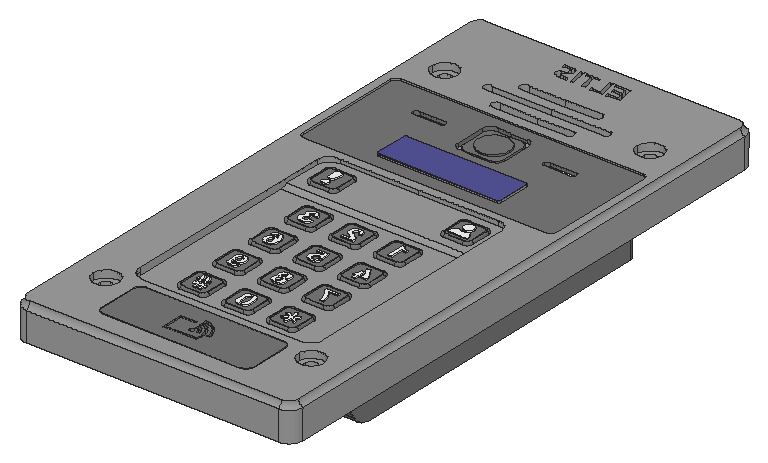
Revit family "Блок вызова_DPU5000-KEDC", category Устройства вызова и оповещения, Revit 2019 (continued)
Definition of nested family "_7000"
  Lines and regions (mm)
    sketch lines
      curve 8: arc (-62.5, 100.975, 16) -> (-60.735, 105.235, 16) -> (-56.475, 107, 16) r 6.025
      curve 9: line (-25.71, -36.019, 14) -> (-25.71, -44.688, 14)
      curve 10: arc (-25.71, -36.019, 14) -> (-25.256, -34.922, 14) -> (-24.158, -34.467, 14) r 1.552
      curve 11: line (-15.785, -34.467, 14) -> (-24.158, -34.467, 14)
      curve 12: arc (-15.785, -34.467, 14) -> (-14.654, -34.936, 14) -> (-14.185, -36.067, 14) r 1.6
      curve 13: line (-14.185, -44.639, 14) -> (-14.185, -36.067, 14)
      curve 14: arc (-14.185, -44.639, 14) -> (-14.654, -45.771, 14) -> (-15.785, -46.239, 14) r 1.6
      curve 15: line (-24.158, -46.239, 14) -> (-15.785, -46.239, 14)
      curve 16: arc (-24.158, -46.239, 14) -> (-25.256, -45.785, 14) -> (-25.71, -44.688, 14) r 1.552
      curve 18: line (-5.71, -36.019, 14) -> (-5.71, -44.688, 14)
      curve 19: arc (-5.71, -36.019, 14) -> (-5.256, -34.922, 14) -> (-4.158, -34.467, 14) r 1.552
      curve 20: line (4.215, -34.467, 14) -> (-4.158, -34.467, 14)
      curve 21: arc (4.215, -34.467, 14) -> (5.346, -34.936, 14) -> (5.815, -36.067, 14) r 1.6
      curve 22: line (5.815, -44.639, 14) -> (5.815, -36.067, 14)
      curve 23: arc (5.815, -44.639, 14) -> (5.346, -45.771, 14) -> (4.215, -46.239, 14) r 1.6
      curve 24: line (-4.158, -46.239, 14) -> (4.215, -46.239, 14)
      curve 25: arc (-4.158, -46.239, 14) -> (-5.256, -45.785, 14) -> (-5.71, -44.688, 14) r 1.552
      curve 26: line (14.29, -36.019, 14) -> (14.29, -44.688, 14)
      curve 27: arc (14.29, -36.019, 14) -> (14.744, -34.922, 14) -> (15.842, -34.467, 14) r 1.552
      curve 28: line (24.215, -34.467, 14) -> (15.842, -34.467, 14)
      curve 29: arc (24.215, -34.467, 14) -> (25.346, -34.936, 14) -> (25.815, -36.067, 14) r 1.6
      curve 30: line (25.815, -44.639, 14) -> (25.815, -36.067, 14)
      curve 31: arc (25.815, -44.639, 14) -> (25.346, -45.771, 14) -> (24.215, -46.239, 14) r 1.6
      curve 32: line (15.842, -46.239, 14) -> (24.215, -46.239, 14)
      curve 33: arc (15.842, -46.239, 14) -> (14.744, -45.785, 14) -> (14.29, -44.688, 14) r 1.552
      curve 34: line (-25.71, -56.019, 14) -> (-25.71, -64.688, 14)
      curve 35: arc (-25.71, -56.019, 14) -> (-25.256, -54.922, 14) -> (-24.158, -54.467, 14) r 1.552
      curve 36: line (-15.785, -54.467, 14) -> (-24.158, -54.467, 14)
      curve 37: arc (-15.785, -54.467, 14) -> (-14.654, -54.936, 14) -> (-14.185, -56.067, 14) r 1.6
      curve 38: line (-14.185, -64.639, 14) -> (-14.185, -56.067, 14)
      curve 39: arc (-14.185, -64.639, 14) -> (-14.654, -65.771, 14) -> (-15.785, -66.239, 14) r 1.6
      curve 40: line (-24.158, -66.239, 14) -> (-15.785, -66.239, 14)
      curve 41: arc (-24.158, -66.239, 14) -> (-25.256, -65.785, 14) -> (-25.71, -64.688, 14) r 1.552
      curve 42: line (-5.71, -56.019, 14) -> (-5.71, -64.688, 14)
      curve 43: arc (-5.71, -56.019, 14) -> (-5.256, -54.922, 14) -> (-4.158, -54.467, 14) r 1.552
      curve 44: line (4.215, -54.467, 14) -> (-4.158, -54.467, 14)
      curve 45: arc (4.215, -54.467, 14) -> (5.346, -54.936, 14) -> (5.815, -56.067, 14) r 1.6
      curve 46: line (5.815, -64.639, 14) -> (5.815, -56.067, 14)
      curve 47: arc (5.815, -64.639, 14) -> (5.346, -65.771, 14) -> (4.215, -66.239, 14) r 1.6
      curve 48: line (-4.158, -66.239, 14) -> (4.215, -66.239, 14)
      curve 49: arc (-4.158, -66.239, 14) -> (-5.256, -65.785, 14) -> (-5.71, -64.688, 14) r 1.552
      curve 50: line (14.29, -56.019, 14) -> (14.29, -64.688, 14)
      curve 51: arc (14.29, -56.019, 14) -> (14.744, -54.922, 14) -> (15.842, -54.467, 14) r 1.552
      curve 52: line (24.215, -54.467, 14) -> (15.842, -54.467, 14)
      curve 53: arc (24.215, -54.467, 14) -> (25.346, -54.936, 14) -> (25.815, -56.067, 14) r 1.6
      curve 54: line (25.815, -64.639, 14) -> (25.815, -56.067, 14)
      curve 55: arc (25.815, -64.639, 14) -> (25.346, -65.771, 14) -> (24.215, -66.239, 14) r 1.6
      curve 56: line (15.842, -66.239, 14) -> (24.215, -66.239, 14)
      curve 57: arc (15.842, -66.239, 14) -> (14.744, -65.785, 14) -> (14.29, -64.688, 14) r 1.552
      curve 58: line (-25.71, -76.019, 14) -> (-25.71, -84.688, 14)
      curve 59: arc (-25.71, -76.019, 14) -> (-25.256, -74.922, 14) -> (-24.158, -74.467, 14) r 1.552
      curve 60: line (-15.785, -74.467, 14) -> (-24.158, -74.467, 14)
      curve 61: arc (-15.785, -74.467, 14) -> (-14.654, -74.936, 14) -> (-14.185, -76.067, 14) r 1.6
      curve 62: line (-14.185, -84.639, 14) -> (-14.185, -76.067, 14)
      curve 63: arc (-14.185, -84.639, 14) -> (-14.654, -85.771, 14) -> (-15.785, -86.239, 14) r 1.6
      curve 64: line (-24.158, -86.239, 14) -> (-15.785, -86.239, 14)
      curve 65: arc (-24.158, -86.239, 14) -> (-25.256, -85.785, 14) -> (-25.71, -84.688, 14) r 1.552
      curve 66: line (-5.71, -76.019, 14) -> (-5.71, -84.688, 14)
      curve 67: arc (-5.71, -76.019, 14) -> (-5.256, -74.922, 14) -> (-4.158, -74.467, 14) r 1.552
      curve 68: line (4.215, -74.467, 14) -> (-4.158, -74.467, 14)
      curve 69: arc (4.215, -74.467, 14) -> (5.346, -74.936, 14) -> (5.815, -76.067, 14) r 1.6
      curve 70: line (5.815, -84.639, 14) -> (5.815, -76.067, 14)
      curve 71: arc (5.815, -84.639, 14) -> (5.346, -85.771, 14) -> (4.215, -86.239, 14) r 1.6
      curve 72: line (-4.158, -86.239, 14) -> (4.215, -86.239, 14)
      curve 73: arc (-4.158, -86.239, 14) -> (-5.256, -85.785, 14) -> (-5.71, -84.688, 14) r 1.552
      curve 74: line (14.29, -76.019, 14) -> (14.29, -84.688, 14)
      curve 75: arc (14.29, -76.019, 14) -> (14.744, -74.922, 14) -> (15.842, -74.467, 14) r 1.552
      curve 76: line (24.215, -74.467, 14) -> (15.842, -74.467, 14)
      curve 77: arc (24.215, -74.467, 14) -> (25.346, -74.936, 14) -> (25.815, -76.067, 14) r 1.6
      curve 78: line (25.815, -84.639, 14) -> (25.815, -76.067, 14)
      curve 79: arc (25.815, -84.639, 14) -> (25.346, -85.771, 14) -> (24.215, -86.239, 14) r 1.6
      curve 80: line (15.842, -86.239, 14) -> (24.215, -86.239, 14)
      curve 81: arc (15.842, -86.239, 14) -> (14.744, -85.785, 14) -> (14.29, -84.688, 14) r 1.552
      curve 82: line (-25.71, -96.019, 14) -> (-25.71, -104.688, 14)
      curve 83: arc (-25.71, -96.019, 14) -> (-25.256, -94.922, 14) -> (-24.158, -94.467, 14) r 1.552
      curve 84: line (-15.785, -94.467, 14) -> (-24.158, -94.467, 14)
      curve 85: arc (-15.785, -94.467, 14) -> (-14.654, -94.936, 14) -> (-14.185, -96.067, 14) r 1.6
      curve 86: line (-14.185, -104.639, 14) -> (-14.185, -96.067, 14)
      curve 87: arc (-14.185, -104.639, 14) -> (-14.654, -105.771, 14) -> (-15.785, -106.239, 14) r 1.6
      curve 88: line (-24.158, -106.239, 14) -> (-15.785, -106.239, 14)
      curve 89: arc (-24.158, -106.239, 14) -> (-25.256, -105.785, 14) -> (-25.71, -104.688, 14) r 1.552
      curve 90: line (-5.71, -96.019, 14) -> (-5.71, -104.688, 14)
      curve 91: arc (-5.71, -96.019, 14) -> (-5.256, -94.922, 14) -> (-4.158, -94.467, 14) r 1.552
      curve 92: line (4.215, -94.467, 14) -> (-4.158, -94.467, 14)
      curve 93: arc (4.215, -94.467, 14) -> (5.346, -94.936, 14) -> (5.815, -96.067, 14) r 1.6
      curve 94: line (5.815, -104.639, 14) -> (5.815, -96.067, 14)
      curve 95: arc (5.815, -104.639, 14) -> (5.346, -105.771, 14) -> (4.215, -106.239, 14) r 1.6
      curve 96: line (-4.158, -106.239, 14) -> (4.215, -106.239, 14)
      curve 97: arc (-4.158, -106.239, 14) -> (-5.256, -105.785, 14) -> (-5.71, -104.688, 14) r 1.552
      curve 98: line (14.29, -96.019, 14) -> (14.29, -104.688, 14)
      curve 99: arc (14.29, -96.019, 14) -> (14.744, -94.922, 14) -> (15.842, -94.467, 14) r 1.552
      curve 100: line (24.215, -94.467, 14) -> (15.842, -94.467, 14)
      curve 101: arc (24.215, -94.467, 14) -> (25.346, -94.936, 14) -> (25.815, -96.067, 14) r 1.6
      curve 102: line (25.815, -104.639, 14) -> (25.815, -96.067, 14)
      curve 103: arc (25.815, -104.639, 14) -> (25.346, -105.771, 14) -> (24.215, -106.239, 14) r 1.6
      curve 104: line (15.842, -106.239, 14) -> (24.215, -106.239, 14)
      curve 105: arc (15.842, -106.239, 14) -> (14.744, -105.785, 14) -> (14.29, -104.688, 14) r 1.552
      curve 106: line (-35.905, -10.8, 14) -> (-35.905, -19.469, 14)
      curve 107: arc (-35.905, -10.8, 14) -> (-35.451, -9.703, 14) -> (-34.353, -9.248, 14) r 1.552
      curve 108: line (-25.98, -9.248, 14) -> (-34.353, -9.248, 14)
      curve 109: arc (-25.98, -9.248, 14) -> (-24.849, -9.717, 14) -> (-24.38, -10.848, 14) r 1.6
      curve 110: line (-24.38, -19.421, 14) -> (-24.38, -10.848, 14)
      curve 111: arc (-24.38, -19.421, 14) -> (-24.849, -20.552, 14) -> (-25.98, -21.021, 14) r 1.6
      curve 112: line (-34.353, -21.021, 14) -> (-25.98, -21.021, 14)
      curve 113: arc (-34.353, -21.021, 14) -> (-35.451, -20.566, 14) -> (-35.905, -19.469, 14) r 1.552
      curve 114: line (24.095, -10.8, 14) -> (24.095, -19.469, 14)
      curve 115: arc (24.095, -10.8, 14) -> (24.549, -9.703, 14) -> (25.647, -9.248, 14) r 1.552
      curve 116: line (34.02, -9.248, 14) -> (25.647, -9.248, 14)
      curve 117: arc (34.02, -9.248, 14) -> (35.151, -9.717, 14) -> (35.62, -10.848, 14) r 1.6
      curve 118: line (35.62, -19.421, 14) -> (35.62, -10.848, 14)
      curve 119: arc (35.62, -19.421, 14) -> (35.151, -20.552, 14) -> (34.02, -21.021, 14) r 1.6
      curve 120: line (25.647, -21.021, 14) -> (34.02, -21.021, 14)
      curve 121: arc (25.647, -21.021, 14) -> (24.549, -20.566, 14) -> (24.095, -19.469, 14) r 1.552
    symbolic lines
      curve 17: line (0, 23.332, 0) -> (0, 38.332, 0)
  Dimensions and locks
    aligned and locked: plane 2 to Extrusion 1
    aligned and locked: level to Extrusion 1
    aligned and locked: Extrusion 53 to cut or joined group of Extrusion 2, Extrusion 3, Extrusion 4, Extrusion 5, Extrusion 6, Extrusion 7, Extrusion 8, Extrusion 9, Sweep 10, Extrusion 11, Extrusion 14
    aligned and locked: Extrusion 53 to cut or joined group of Extrusion 19, Extrusion 20, Extrusion 21, Extrusion 22
